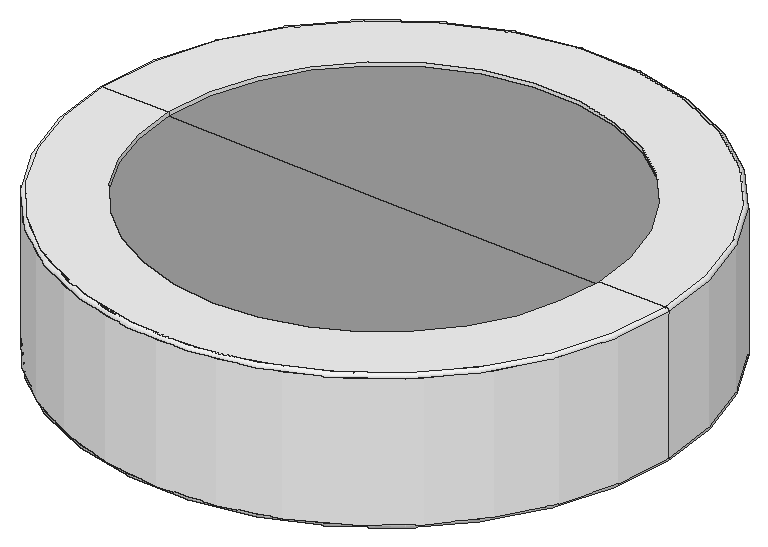
Revit family "0053302 Feilo Sylvania Lighting Fixture SYLFLAT SURFACE 1000 R 4000K", category Lighting Fixtures, host Face, Revit 2016
Family settings
  Host = Face
  Part Type = Normal
  Round Connector Dimension = Use Diameter
  OmniClass Number = 23.80.70.00
  OmniClass Title = Lighting
  Cut with Voids When Loaded = No
  Light Source = Yes
  Shared = No
  Room Calculation Point = No
Parameters (values of type "0053302 SYLFLAT SURFACE 1000 R 4000K")
  Weight = "3.372 kg"
  Wattage Comments = ""
  Wattage = 12 W
  WarrantyStartDate [instance] = "n/a"
  WarrantyGuarantorParts = "n/a"
  WarrantyDurationUnit = "n/a"
  WarrantyDurationParts = "n/a"
  WarrantyDescription = "n/a"
  built-in parameter 1150110 = 1 (stored number, unit not read)
  Voltage = 230 V
  URL = "http://www.feilosylvania.com"
  TypeName = "SYLFLAT SURFACE 1000 R 4000K"
  Type Image = <None>
  Type Comments = "n/a"
  built-in parameter 1114217 = 1 (stored number, unit not read)
  Tilt Angle = -90.00°
  built-in parameter 1150109 = 1 (stored number, unit not read)
  built-in parameter 1150134 = 12
  built-in parameter 1150113 = 1 (stored number, unit not read)
  Square_FEILO = no
  SerialNumber [instance] = "n/a"
  Photometric Web File = "0053302.ies"
  Material_3_FEILO = none
  PowerFactor = 0.9
  PowerConsumption = "12 W"
  NominalLength = 0 mm
  NominalHeight = 40 mm
  NominalDepth = 0 mm
  Name = "SYLFLAT SURFACE 1000 R 4000K"
  ModelReference = Name  # "SYLFLAT SURFACE 1000 R 4000K"
  ModelNumber = "0053302"
  Model = Name  # "SYLFLAT SURFACE 1000 R 4000K"
  Material = "plastic housing, polycarbonate diffuser"
  ManufacturerName = "Feilo Sylvania"
  Manufacturer = "Feilo Sylvania"
  LuminousEfficacy = "80 lm/W"
  built-in parameter 1150105 = 76.394 (stored number, unit not read)
  Lumens = 960 lm
  LuminaireType = ""
  built-in parameter 1150115 = 1 (stored number, unit not read)
  LightOutputRatio = "100"
  built-in parameter 1150137 = (empty or 0)
  built-in parameter 1150139 = (empty or 0)
  LampsType = Lamp  # "LED"
  LampNominalLuminous = "960 lm"
  LampMacAdamStep = "n/a"
  LampColourTemperature = "4000 K"
  LampColourRenderingIndex = "0"
  built-in parameter 1150112 = 1 (stored number, unit not read)
  built-in parameter 1150114 = 1 (stored number, unit not read)
  Lamp = "LED"
  Keynote = "16500"
  InstallationDate [instance] = "n/a"
  InputVoltage = "220-240V~"
  InputNominalFrequency = "n/a"
  built-in parameter 1150132 = (empty or 0)
  built-in parameter 1150102 = (empty or 0)
  built-in parameter 1150107 = 4000 (stored number, unit not read)
  built-in parameter 1150138 = (empty or 0)
  IngressProtection = "IP20"
  ImpactProtectionIndex = "IK06"
  built-in parameter 1150106 = 0.76394 (stored number, unit not read)
  IfcExportType = "IfcLightFixtureType"
  IfcExportAs = "IfcLightFixtureType"
  Height_FEILO = 40 mm
  ExpectedLife = 50000
  Emit from Circle Diameter = Diameter_FEILO - 40 mm  # 125 mm
  Emit Shape Visible in Rendering = no
  ElectricShockClassification = "Class II"
  built-in parameter 1150104 = 7.4322 (stored number, unit not read)
  DurationUnit = "hours"
  DocumentationLiterature = "http://www.feilosylvania.com/product/en-int/products/0053302"
  DimmingControlOptions = "Non dimmable"
  Material_2_FEILO = Diffuser-Sylvania-SylFlat-Opaque
  Dimming Lamp Color Temperature Shift = <None>
  Diameter_FEILO = 165 mm
  Description = "Integrated round surface mounted 165mm diameter LED downlight providing uniform distribution with an opal diffuser, 110° beam angle, 960LM, 12W, 74lm/W, 4000K, CRI80, non-dimmable, IP20, IK06, 25,000hrs (L70)"
  Default Elevation = 1219.2 mm
  CreatedOn = "1/26/2018"
  CreatedBy = "aron.fodor@feilosylvania.com"
  Cost = 0
  Color Filter = 16777215
  built-in parameter 1114216 [instance] = (empty or 0)
  ClassificationValue = "EF_70_80"
  ClassificationName = "Uniclass2015"
  Material_1_FEILO = Body-Sylvania-SylFlat-White
  Circle_FEILO = yes
  BarCode [instance] = "n/a"
  built-in parameter 1114218 = 1 (stored number, unit not read)
  built-in parameter 1150133 = 10 (stored number, unit not read)
  AssetType = "Fixed"
  AssetIdentifier [instance] = "n/a"
  Assembly Code = "D5020200"
  Apparent Load = 12 VA
  Material_4_FEILO = none
Reference planes
  plane 1 "Center (Front/Back)": y = 0
  plane 2: z = 0
  plane 3 "Center (Left/Right)": x = 0
  plane 4: x = 82.5
  plane 5: x = -82.5
  plane 6: z = 40
  plane 7: x = -62.5
  plane 8: x = 62.5
  plane 9: z = 39
  plane 10: y = 82.5
  plane 11: y = -82.5
  plane 12: y = 62.5
  plane 13: y = -62.5
Forms (mm)
  Revolve 1, solid, material "Body-Sylvania-SylFlat-White" <- "Material_1_FEILO", visible <- "Circle_FEILO"
    sketch origin (0, 0, 0) x (1, 0, 0) y (0, 0, 1)
      loop
        line (0, 39) -> (-62.5, 39) -> (-62.5, 40) -> (-81.5, 40)
        arc (-81.5, 40) -> (-82.207, 39.707) -> (-82.5, 39) r 1
        line (-82.5, 39) -> (-82.5, 1)
        arc (-82.5, 1) -> (-82.207, 0.293) -> (-81.5, 0) r 1
        line (-81.5, 0) -> (0, 0) -> (0, 39)
      axis (0, 40) -> (0, 0)
    angle from 360 to 0
  Extrusion 2, solid, material "Body-Sylvania-SylFlat-White" <- "Material_1_FEILO", visible <- "Square_FEILO"
    sketch origin (0, 0, 0) x (1, 0, 0) y (0, 1, 0)
      loop
        arc (-77.5, 82.5) -> (-81.036, 81.036) -> (-82.5, 77.5) r 5
        line (-82.5, 77.5) -> (-82.5, -77.5)
        arc (-82.5, -77.5) -> (-81.036, -81.036) -> (-77.5, -82.5) r 5
        line (-77.5, -82.5) -> (77.5, -82.5)
        arc (77.5, -82.5) -> (81.036, -81.036) -> (82.5, -77.5) r 5
        line (82.5, -77.5) -> (82.5, 77.5)
        arc (82.5, 77.5) -> (81.036, 81.036) -> (77.5, 82.5) r 5
        line (77.5, 82.5) -> (-77.5, 82.5)
    from 0 to 40
  Extrusion 3, void
    sketch origin (1223.4, -4572, 40) x (-1, 0, 0) y (0, -1, 0)
      loop
        arc (1280.9, -4634.5) -> (1284.436, -4633.036) -> (1285.9, -4629.5) r 5
        line (1285.9, -4629.5) -> (1285.9, -4514.5)
        arc (1285.9, -4514.5) -> (1284.436, -4510.964) -> (1280.9, -4509.5) r 5
        line (1280.9, -4509.5) -> (1165.9, -4509.5)
        arc (1165.9, -4509.5) -> (1162.364, -4510.964) -> (1160.9, -4514.5) r 5
        line (1160.9, -4514.5) -> (1160.9, -4629.5)
        arc (1160.9, -4629.5) -> (1162.364, -4633.036) -> (1165.9, -4634.5) r 5
        line (1165.9, -4634.5) -> (1280.9, -4634.5)
    from 0 to -1
Cuts and joins
  Extrusion 3 cuts Extrusion 2
Dimensions and locks
  equal spacing: plane 4, plane 3 "Center (Left/Right)", plane 5
  "Diameter_FEILO": plane 4 to plane 5
  "Height_FEILO": plane 6 to plane 2
  equal spacing: plane 8, plane 3 "Center (Left/Right)", plane 7
  locked: plane 7 to plane 5 at 20
  locked: plane 6 to plane 9 at 1
  equal spacing: plane 11, plane 1 "Center (Front/Back)", plane 10
  equal spacing: plane 13, plane 1 "Center (Front/Back)", plane 12
  "Diameter_FEILO": plane 11 to plane 10
  locked: plane 12 to plane 10 at 20
  aligned and locked: plane 2 to host face
  aligned and locked: level to host face
  aligned and locked: Revolve 1 sketch curve to plane 3 "Center (Left/Right)"
  aligned and locked: plane 3 "Center (Left/Right)" to Revolve 1 sketch curve  (x2)
  aligned and locked: Revolve 1 sketch curve to plane 9
  aligned and locked: plane 7 to Revolve 1 sketch curve
  aligned and locked: Revolve 1 sketch curve to plane 6
  aligned and locked: Revolve 1 sketch curve to plane 5
  aligned and locked: Revolve 1 sketch curve to level
  aligned and locked: plane 10 to Extrusion 2 sketch curve
  aligned and locked: plane 5 to Extrusion 2 sketch curve
  aligned and locked: Extrusion 2 sketch curve to plane 11
  aligned and locked: Extrusion 2 sketch curve to plane 4
  aligned and locked: plane 12 to Extrusion 3 sketch curve
  aligned and locked: plane 7 to Extrusion 3 sketch curve
  aligned and locked: Extrusion 3 sketch curve to plane 13
  aligned and locked: Extrusion 3 sketch curve to plane 8
  aligned and locked: Extrusion 2 to plane 6
  aligned and locked: plane 9 to Extrusion 3
  aligned and locked: Extrusion 3 to plane 6
  aligned and locked: Extrusion 2 to level
  aligned and locked: Extrusion 2 to Extrusion 3
  aligned and locked: plane 3 "Center (Left/Right)" to imposter light
  aligned and locked: imposter light to plane 1 "Center (Front/Back)"
  aligned and locked: imposter light to plane 9
Automatic sketch dimensions
  host sketch curve to host sketch curve = 2438.4 mm  (x2)
  plane 5 to Revolve 1 sketch curve = 1 mm
  Revolve 1 sketch curve to Revolve 1 sketch curve = 1 mm
  Revolve 1 sketch curve to level = 609.6 mm
  Revolve 1 sketch curve to plane 6 = 2569.058 mm
  plane 10 to Extrusion 2 sketch curve = 0 mm
  plane 5 to Extrusion 2 sketch curve = 5 mm
  Extrusion 2 sketch curve to plane 7 = 15 mm
  Extrusion 2 sketch curve to plane 4 = 5 mm  (x2)
  plane 12 to Extrusion 3 sketch curve = 5 mm
  Extrusion 3 sketch curve to Extrusion 3 sketch curve = 5 mm  (x2)
  Extrusion 3 sketch curve to plane 13 = 5 mm
Connectors
  electrical at (0, 0, 0), driven by "Apparent Load", driven by "PowerFactor", driven by "Voltage"
    settings: index 1, voltage 230 V, apparent load 12 VA, apparent load phase1 0 VA, apparent load phase2 0 VA, apparent load phase3 0 VA, power factor 0.9, load classification "Lighting", number of poles 1, system type 30, power factor state 1, is connector primary yes, connector utility no, sub classification motor no, connector description ""
